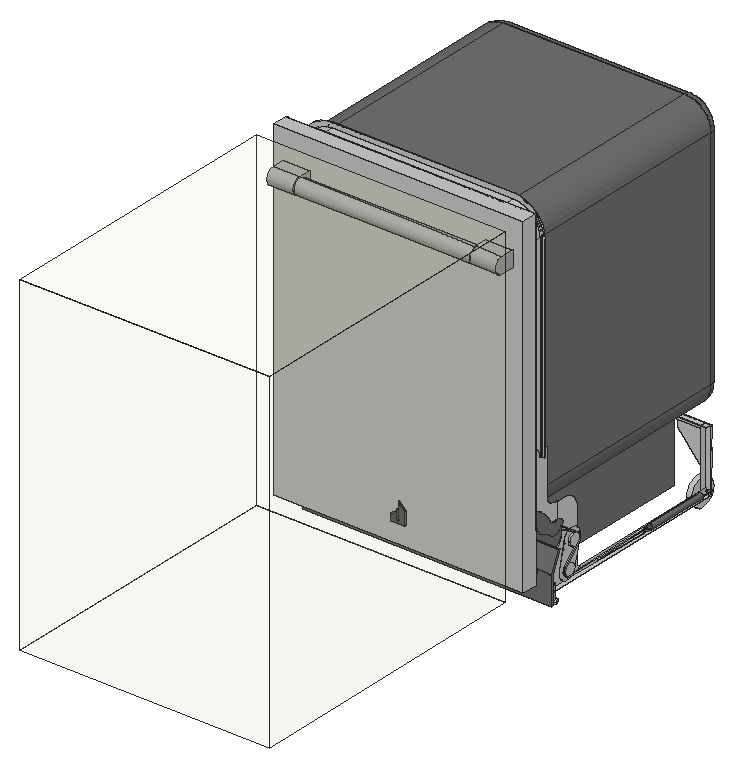
Revit family "P190780JX-052c_JDTSS244GL_Dish_Dishwashers", category Specialty Equipment, Revit 2026
Family settings
  Round Connector Dimension = Use Diameter
  Part Type = Normal
  Work Plane-Based = No
  Enable Cutting in Views = No
  Always vertical = Yes
  Cut with Voids When Loaded = No
  Maintain Annotation Orientation = No
  Shared = No
  Room Calculation Point = No
Parameters (values of type "JDTSS244GL")
  Width = 23 7/8"
  Voltage = 0 V
  URL = ""
  Show Clearance [instance] = yes
  Model = "JDTSS244GL"
  Manufacturer = "Jenn Air"
  Installation-Fabrication = "http://access.whirlpool.com/mr/getMediaType.do?mediaType=Installation Instruction&sku=JDTSS244GL&language=EN"
  Height = 34 1/2"
  Handle Material = ARCAT - Metal - Steel - Gray
  Feature 3 = "Remote Access\r\nAccès à distance"
  Feature 2 = "TriFecta™ Wash System\r\nSystème de lavage TriFecta™"
  Feature 1 = "38 dBA Tranquility\r\nTranquillité de 38 dBA"
  Family Name = "DISHWASHERS RISE"
  Energy Guide = "http://access.whirlpool.com/mr/getMediaType.do?mediaType=Energy Guide&sku=JDTSS244GL&language=EN"
  Drawn By = ""
  Door Material = ARCAT - Metal - Steel - Stainless
  Dimension Guide = "http://access.whirlpool.com/mr/getMediaType.do?mediaType=Dimension Guide&sku=JDTSS244GL&language=EN"
  Description = "RISE™ 24\" TriFecta™ Dishwasher, 38 dBA\r\nLave-vaisselle TriFecta™  RISE™, 38 dBA, 24 po"
  Depth = 26 1/2"
  Default Elevation = 0"
  Copyright = ""
  Clearance Material = ARCAT - Clearance
  Body Material = ARCAT - Plastic, ABS - Black
  Amps = 0 A
  Accent Material = ARCAT - Metal - Steel - Stainless
Reference planes (in)
  plane 1 "Center (Front/Back)": y = 0
  plane 2: z = 0
  plane 3 "Center (Left/Right)": x = 0
  plane 4: x = -11.9375
  plane 5: x = 11.9375
  plane 6: z = 34.5
  plane 7: y = -26.5
Forms (in)
  Extrusion 1, solid, material "ARCAT - Plastic, ABS - Black" <- "Body Material"
    sketch origin (-11.9375, -57.75476, 48) x (0, -1, 0) y (0, 0, 1)
      loop
        line (-36.75476, -48) -> (-36.75476, -45.30638)
        arc (-36.75476, -45.30638) -> (-36.75745, -45.28077) -> (-36.76541, -45.25628) r 0.12317
        line (-36.76541, -45.25628) -> (-37.54736, -43.5) -> (-37.68419, -43.5) -> (-36.87976, -45.30677) -> (-36.87976, -48) -> (-36.75476, -48)
    from 0 to -23.875
  Extrusion 2, solid, material "ARCAT - Plastic, ABS - Black" <- "Body Material"
    sketch origin (0, 0, -4.80271) x (1, 0, 0) y (0, 0, 1)
      loop
        circle (0, 13.96677) r 0.25
    from 0 to -0.03125
  Extrusion 3, solid, material "ARCAT - Metal - Steel - Stainless" <- "Accent Material"
    sketch origin (-11.9375, -23.09375, 48) x (-1, 0, 0) y (0, 0, 1)
      loop
        line (-3.28392, -13.96875) -> (-20.59108, -13.96875)
        arc (-20.59108, -13.96875) -> (-22.35885, -14.70098) -> (-23.09108, -16.46875) r 2.5
        line (-23.09108, -16.46875) -> (-23.09108, -37.5)
        arc (-23.09108, -37.5) -> (-22.35885, -39.26777) -> (-20.59108, -40) r 2.5
        line (-20.59108, -40) -> (-3.28392, -40)
        arc (-3.28392, -40) -> (-1.51615, -39.26777) -> (-0.78392, -37.5) r 2.5
        line (-0.78392, -37.5) -> (-0.78392, -16.46875)
        arc (-0.78392, -16.46875) -> (-1.51615, -14.70098) -> (-3.28392, -13.96875) r 2.5
      loop
        arc (-0.81517, -16.46875) -> (-1.53825, -14.72308) -> (-3.28392, -14) r 2.46875
        line (-3.28392, -14) -> (-20.59108, -14)
        arc (-20.59108, -14) -> (-22.33675, -14.72308) -> (-23.05983, -16.46875) r 2.46875
        line (-23.05983, -16.46875) -> (-23.05983, -37.5)
        arc (-23.05983, -37.5) -> (-22.33675, -39.24567) -> (-20.59108, -39.96875) r 2.46875
        line (-20.59108, -39.96875) -> (-3.28392, -39.96875)
        arc (-3.28392, -39.96875) -> (-1.53825, -39.24567) -> (-0.81517, -37.5) r 2.46875
        line (-0.81517, -37.5) -> (-0.81517, -16.46875)
    from 0.15625 to 1.5625
  Extrusion 4, solid, material "ARCAT - Metal - Steel - Stainless" <- "Accent Material"
    sketch origin (-10.81517, -20.875, 2.69323) x (0, 0, -1) y (-1, 0, 0)
      loop
        line (0, -22.125) -> (0, -22.625) -> (2.69323, -22.625) -> (2.69323, -22.125) -> (0, -22.125)
    from 0 to 0.03125
  Extrusion 5, solid, material "ARCAT - Metal - Steel - Stainless" <- "Accent Material"
    sketch origin (-58.87767, -180, 1) x (-1, 0, 0) y (0, -1, 0)
      loop
        line (-70.1875, -162.96208) -> (-70.1875, -159.2415) -> (-70.6875, -159.2415) -> (-70.6875, -162.96208) -> (-70.1875, -162.96208)
    from 0 to 0.03125
  Extrusion 6, solid, material "ARCAT - Metal - Steel - Stainless" <- "Accent Material"
    sketch origin (1.13796, -14.04043, 0) x (1, 0, 0) y (0, 1, 0)
      loop
        line (10.18942, -6.01357) -> (9.98605, -6.36582) -> (10.18942, -6.71808) -> (10.59617, -6.71808) -> (10.79954, -6.36582) -> (10.59617, -6.01357) -> (10.18942, -6.01357)
    from 0 to 0.17136
  Extrusion 7, solid, material "ARCAT - Metal - Steel - Stainless" <- "Accent Material"
    sketch origin (1.13796, -20.66768, 0.17136) x (1, 0, 0) y (0, -1, 0)
      loop
        circle (10.39279, -0.26143) r 0.11142
    from 0 to -1.41017
  Extrusion 8, solid, material "ARCAT - Metal - Steel - Stainless" <- "Accent Material"
    sketch origin (-11.9375, -21.5, 48) x (-1, 0, 0) y (0, 0, 1)
      loop
        arc (-3.28392, -14) -> (-1.53825, -14.72308) -> (-0.81517, -16.46875) r 2.46875
        line (-0.81517, -16.46875) -> (-0.81517, -35.1557) -> (-0.31517, -35.1557) -> (-0.31517, -16.46875)
        arc (-0.31517, -16.46875) -> (-1.18469, -14.36953) -> (-3.28392, -13.5) r 2.96875
        line (-3.28392, -13.5) -> (-20.59108, -13.5)
        arc (-20.59108, -13.5) -> (-22.69031, -14.36953) -> (-23.55983, -16.46875) r 2.96875
        line (-23.55983, -16.46875) -> (-23.55983, -35.1557) -> (-23.05983, -35.1557) -> (-23.05983, -16.46875)
        arc (-23.05983, -16.46875) -> (-22.33675, -14.72308) -> (-20.59108, -14) r 2.46875
        line (-20.59108, -14) -> (-3.28392, -14)
    from 0 to -0.03125
  Extrusion 9, solid, material "ARCAT - Plastic, ABS - Black" <- "Body Material"
    sketch origin (-11.9375, -21.5, 48) x (-1, 0, 0) y (0, 0, 1)
      loop
        arc (-3.28392, -14) -> (-1.53825, -14.72308) -> (-0.81517, -16.46875) r 2.46875
        line (-0.81517, -16.46875) -> (-0.81517, -35.1557) -> (-0.56517, -35.1557) -> (-0.56517, -16.46875)
        arc (-0.56517, -16.46875) -> (-1.36147, -14.5463) -> (-3.28392, -13.75) r 2.71875
        line (-3.28392, -13.75) -> (-20.59108, -13.75)
        arc (-20.59108, -13.75) -> (-22.51353, -14.5463) -> (-23.30983, -16.46875) r 2.71875
        line (-23.30983, -16.46875) -> (-23.30983, -35.1557) -> (-23.05983, -35.1557) -> (-23.05983, -16.46875)
        arc (-23.05983, -16.46875) -> (-22.33675, -14.72308) -> (-20.59108, -14) r 2.46875
        line (-20.59108, -14) -> (-3.28392, -14)
    from 0 to 0.03125
  Extrusion 10, solid, material "ARCAT - Plastic, ABS - Black" <- "Body Material"
    sketch origin (-11.9375, -21.46875, 48) x (-1, 0, 0) y (0, 0, 1)
      loop
        line (-23.05983, -16.46875) -> (-23.05983, -38.0625)
        arc (-23.05983, -38.0625) -> (-22.33675, -39.80817) -> (-20.59108, -40.53125) r 2.46875
        line (-20.59108, -40.53125) -> (-3.28392, -40.53125)
        arc (-3.28392, -40.53125) -> (-1.53825, -39.80817) -> (-0.81517, -38.0625) r 2.46875
        line (-0.81517, -38.0625) -> (-0.81517, -16.46875)
        arc (-0.81517, -16.46875) -> (-1.53825, -14.72308) -> (-3.28392, -14) r 2.46875
        line (-3.28392, -14) -> (-20.59108, -14)
        arc (-20.59108, -14) -> (-22.33675, -14.72308) -> (-23.05983, -16.46875) r 2.46875
    from 0 to 20.46875
  Extrusion 11, solid, material "ARCAT - Metal - Steel - Stainless" <- "Accent Material"
    sketch origin (10.81517, -20.875, 2.69323) x (0, 0, -1) y (-1, 0, 0)
      loop
        line (0, 22.125) -> (2.69323, 22.125) -> (2.69323, 22.625) -> (0, 22.625) -> (0, 22.125)
    from 0 to 0.03125
  Extrusion 12, solid, material "ARCAT - Metal - Steel - Stainless" <- "Accent Material"
    sketch origin (58.87767, -180, 1) x (1, 0, 0) y (0, 1, 0)
      loop
        line (-70.1875, 162.96208) -> (-70.6875, 162.96208) -> (-70.6875, 159.2415) -> (-70.1875, 159.2415) -> (-70.1875, 162.96208)
    from 0 to 0.03125
  Extrusion 13, solid, material "ARCAT - Metal - Steel - Stainless" <- "Accent Material"
    sketch origin (-1.13796, -14.04043, 0) x (-1, 0, 0) y (0, -1, 0)
      loop
        line (10.18942, 6.01357) -> (10.59617, 6.01357) -> (10.79954, 6.36582) -> (10.59617, 6.71808) -> (10.18942, 6.71808) -> (9.98605, 6.36582) -> (10.18942, 6.01357)
    from 0 to 0.17136
  Extrusion 14, solid, material "ARCAT - Metal - Steel - Stainless" <- "Accent Material"
    sketch origin (-1.13796, -20.66768, 0.17136) x (1, 0, 0) y (0, -1, 0)
      loop
        circle (-10.39279, -0.26143) r 0.11142
    from 0 to -1.41017
  Extrusion 15, solid, material "ARCAT - Metal - Steel - Stainless" <- "Accent Material"
    sketch origin (11.70828, -60, 48) x (0, -1, 0) y (0, 0, 1)
      loop
        line (-42.35258, -43.18837) -> (-39.90933, -41.86561)
        arc (-39.90933, -41.86561) -> (-39.83747, -41.59241) -> (-40.1147, -41.53817) r 0.19365
        line (-40.1147, -41.53817) -> (-42.37042, -43.1627)
        arc (-42.37042, -43.1627) -> (-42.63255, -43.59787) -> (-42.46637, -44.07795) r 0.59929
        line (-42.46637, -44.07795) -> (-40.99828, -45.58915)
        arc (-40.99828, -45.58915) -> (-40.89129, -46.20997) -> (-41.42303, -46.54779) r 0.56808
        line (-41.42303, -46.54779) -> (-50.31371, -46.35437)
        arc (-50.31371, -46.35437) -> (-50.51154, -46.5476) -> (-50.31439, -46.74153) r 0.19362
        line (-50.31439, -46.74153) -> (-41.39975, -46.57908)
        arc (-41.39975, -46.57908) -> (-40.85794, -46.21154) -> (-40.97573, -45.56751) r 0.59933
        line (-40.97573, -45.56751) -> (-42.44396, -44.05618)
        arc (-42.44396, -44.05618) -> (-42.60144, -43.60088) -> (-42.35258, -43.18837) r 0.56804
      loop
        line (-42.15383, -43.04523) -> (-39.92516, -41.83865)
        arc (-39.92516, -41.83865) -> (-39.86493, -41.60964) -> (-40.09732, -41.56416) r 0.16233
        line (-40.09732, -41.56416) -> (-42.15383, -43.04523)
      loop
        line (-42.19353, -46.56229) -> (-50.31449, -46.38561)
        arc (-50.31449, -46.38561) -> (-50.48039, -46.54766) -> (-50.31507, -46.71029) r 0.16237
        line (-50.31507, -46.71029) -> (-42.19353, -46.56229)
    from 0 to 0.125
  Extrusion 16, solid, material "ARCAT - Plastic, ABS - Black" <- "Body Material"
    sketch origin (11.73953, -60, 48.34143) x (0, -1, 0) y (0, 0, 1)
      loop
        arc (-37.03125, -39.45025) -> (-38.24485, -40.15261) -> (-39.12194, -41.24661) r 3.80767
        arc (-39.12194, -41.24661) -> (-39.18369, -41.32451) -> (-39.2689, -41.3757) r 0.27803
        line (-39.2689, -41.3757) -> (-39.84827, -41.59463) -> (-39.77234, -41.32042)
        arc (-39.77234, -41.32042) -> (-40.0881, -41.37906) -> (-40.36175, -41.54715) r 0.87948
        arc (-40.36175, -41.54715) -> (-40.4693, -41.73261) -> (-40.44872, -41.94601) r 0.35047
        arc (-40.44872, -41.94601) -> (-39.85658, -42.47082) -> (-39.07447, -42.35098) r 0.93155
        arc (-39.07447, -42.35098) -> (-38.43292, -41.97076) -> (-37.75311, -41.66416) r 6.70372
        arc (-37.75311, -41.66416) -> (-37.48919, -41.17994) -> (-37.03125, -40.87268) r 1.15813
        line (-37.03125, -40.87268) -> (-37.03125, -39.45025)
    from 0 to 0.03125
  Extrusion 17, solid, material "ARCAT - Plastic, ABS - Black" <- "Body Material"
    sketch origin (0, -17.03792, 1.03125) x (0, -1, 0) y (1, 0, 0)
      loop
        line (-14.6473, -8.65358) -> (3.03265, -8.65358) -> (3.03265, 8.65358) -> (-14.6473, 8.65358) -> (-14.6473, -8.65358)
    from 0 to 6.4375
  Extrusion 18, solid, material "ARCAT - Metal - Steel - Stainless" <- "Accent Material"
    sketch origin (11.80983, -17.03792, 1) x (-1, 0, 0) y (0, 0, 1)
      loop
        line (0, 0) -> (0.53125, 0) -> (0.53125, 0.55028) -> (0.5, 0.55028) -> (0.5, 0.03125) -> (0, 0.03125) -> (0, 0)
    from 0 to 15.17855
  Extrusion 19, solid, material "ARCAT - Metal - Steel - Stainless" <- "Accent Material"
    sketch origin (-11.80983, -17.03792, 1) x (1, 0, 0) y (0, 0, -1)
      loop
        line (0, 0) -> (0, -0.03125) -> (0.5, -0.03125) -> (0.5, -0.55028) -> (0.53125, -0.55028) -> (0.53125, 0) -> (0, 0)
    from 0 to 15.17855
  Extrusion 20, solid, material "ARCAT - Metal - Steel - Stainless" <- "Accent Material"
    sketch origin (11.30983, -21.5, 1) x (1, 0, 0) y (0, -1, 0)
      loop
        line (-0.03125, -19.64063) -> (-0.03125, -19.10938) -> (-0.0625, -19.10938) -> (-0.0625, -19.67188) -> (0.5, -19.67188) -> (0.5, -19.64063) -> (-0.03125, -19.64063)
    from 0 to -6.09375
  Extrusion 21, solid, material "ARCAT - Metal - Steel - Stainless" <- "Accent Material"
    sketch origin (-11.30983, -21.5, 1) x (1, 0, 0) y (0, -1, 0)
      loop
        line (0.03125, -19.64062) -> (-0.5, -19.64062) -> (-0.5, -19.67187) -> (0.0625, -19.67187) -> (0.0625, -19.10937) -> (0.03125, -19.10937) -> (0.03125, -19.64062)
    from 0 to -6.09375
  Extrusion 22, solid, material "ARCAT - Metal - Steel - Stainless" <- "Accent Material"
    sketch origin (-9.53075, -2.10938, 7.09375) x (1, 0, 0) y (0, 1, 0)
      loop
        line (21.34059, 0.28125) -> (-2.27908, 0.28125) -> (-2.27908, -0.28125) -> (21.34059, -0.28125) -> (21.34059, 0.28125)
    from 0 to 0.03125
  Extrusion 23, solid, material "ARCAT - Metal - Steel - Stainless" <- "Accent Material"
    sketch origin (-9.53075, -2.10938, 7.09375) x (0, 1, 0) y (1, 0, 0)
      loop
        line (0.25, -1.71658) -> (0.28125, -1.71658) -> (0.28125, 20.77809) -> (0.25, 20.77809) -> (0.25, -1.71658)
    from 0 to 0.59375
  Extrusion 24, solid, material "ARCAT - Metal - Steel - Stainless" <- "Accent Material"
    sketch origin (11.27858, -1.82813, 1) x (1, 0, 0) y (0, 0, -1)
      loop
        line (-2.59375, -6.125) -> (0.5, -6.125)
        arc (0.5, -6.125) -> (0.5221, -6.11585) -> (0.53125, -6.09375) r 0.03125
        line (0.53125, -6.09375) -> (0.53125, -4.90625)
        arc (0.53125, -4.90625) -> (0.5221, -4.88415) -> (0.5, -4.875) r 0.03125
        line (0.5, -4.875) -> (0.0625, -4.875)
        arc (0.0625, -4.875) -> (0.0404, -4.88415) -> (0.03125, -4.90625) r 0.03125
        line (0.03125, -4.90625) -> (0.03125, -5.59375)
        arc (0.03125, -5.59375) -> (0.0221, -5.61585) -> (0, -5.625) r 0.03125
        line (0, -5.625) -> (-0.4375, -5.625)
        arc (-0.4375, -5.625) -> (-0.4596, -5.61585) -> (-0.46875, -5.59375) r 0.03125
        line (-0.46875, -5.59375) -> (-0.46875, -4.89392)
        arc (-0.46875, -4.89392) -> (-0.46607, -4.87581) -> (-0.45825, -4.85925) r 0.0625
        line (-0.45825, -4.85925) -> (0.0127, -4.15283)
        arc (0.0127, -4.15283) -> (0.03521, -4.1324) -> (0.0647, -4.125) r 0.0625
        line (0.0647, -4.125) -> (0.5, -4.125)
        arc (0.5, -4.125) -> (0.5221, -4.11585) -> (0.53125, -4.09375) r 0.03125
        line (0.53125, -4.09375) -> (0.53125, -2.40625)
        arc (0.53125, -2.40625) -> (0.5221, -2.38415) -> (0.5, -2.375) r 0.03125
        line (0.5, -2.375) -> (-0.49811, -2.375)
        arc (-0.49811, -2.375) -> (-0.52452, -2.38086) -> (-0.54598, -2.39733) r 0.0625
        line (-0.54598, -2.39733) -> (-2.61038, -4.85757)
        arc (-2.61038, -4.85757) -> (-2.62123, -4.87637) -> (-2.625, -4.89775) r 0.0625
        line (-2.625, -4.89775) -> (-2.625, -6.09375)
        arc (-2.625, -6.09375) -> (-2.61585, -6.11585) -> (-2.59375, -6.125) r 0.03125
    from 0 to 0.03125
  Extrusion 25, solid, material "ARCAT - Metal - Steel - Stainless" <- "Accent Material"
    sketch origin (-11.27858, -1.82813, 1) x (-1, 0, 0) y (0, 0, 1)
      loop
        arc (-2.59375, 6.125) -> (-2.61585, 6.11585) -> (-2.625, 6.09375) r 0.03125
        line (-2.625, 6.09375) -> (-2.625, 4.89775)
        arc (-2.625, 4.89775) -> (-2.62123, 4.87637) -> (-2.61038, 4.85757) r 0.0625
        line (-2.61038, 4.85757) -> (-0.54598, 2.39733)
        arc (-0.54598, 2.39733) -> (-0.52452, 2.38086) -> (-0.49811, 2.375) r 0.0625
        line (-0.49811, 2.375) -> (0.5, 2.375)
        arc (0.5, 2.375) -> (0.5221, 2.38415) -> (0.53125, 2.40625) r 0.03125
        line (0.53125, 2.40625) -> (0.53125, 4.09375)
        arc (0.53125, 4.09375) -> (0.5221, 4.11585) -> (0.5, 4.125) r 0.03125
        line (0.5, 4.125) -> (0.0647, 4.125)
        arc (0.0647, 4.125) -> (0.03521, 4.1324) -> (0.0127, 4.15283) r 0.0625
        line (0.0127, 4.15283) -> (-0.45825, 4.85925)
        arc (-0.45825, 4.85925) -> (-0.46607, 4.87581) -> (-0.46875, 4.89392) r 0.0625
        line (-0.46875, 4.89392) -> (-0.46875, 5.59375)
        arc (-0.46875, 5.59375) -> (-0.4596, 5.61585) -> (-0.4375, 5.625) r 0.03125
        line (-0.4375, 5.625) -> (0, 5.625)
        arc (0, 5.625) -> (0.0221, 5.61585) -> (0.03125, 5.59375) r 0.03125
        line (0.03125, 5.59375) -> (0.03125, 4.90625)
        arc (0.03125, 4.90625) -> (0.0404, 4.88415) -> (0.0625, 4.875) r 0.03125
        line (0.0625, 4.875) -> (0.5, 4.875)
        arc (0.5, 4.875) -> (0.5221, 4.88415) -> (0.53125, 4.90625) r 0.03125
        line (0.53125, 4.90625) -> (0.53125, 6.09375)
        arc (0.53125, 6.09375) -> (0.5221, 6.11585) -> (0.5, 6.125) r 0.03125
        line (0.5, 6.125) -> (-2.59375, 6.125)
    from 0 to 0.03125
  Extrusion 26, solid, material "ARCAT - Plastic, ABS - Black" <- "Body Material"
    sketch origin (-0.19797, -8.93248, 1.45207) x (0, 0, -1) y (1, 0, 0)
      loop
        circle (0, 11.84375) r 0.25
    from 0 to -6.04769
  Sweep 27, solid, material "ARCAT - Plastic, ABS - Black" <- "Body Material"
    path origin (-0.19797, -9.37275, 1.45207) x (1, 0, 0) y (0, 1, 0)
      loop
        line (11.62549, 0.44027) -> (11.62549, -0.0685)
        arc (11.62549, -0.0685) -> (11.6621, -0.15688) -> (11.75049, -0.1935) r 0.125
        line (11.75049, -0.1935) -> (11.97876, -0.1935)
        arc (11.97876, -0.1935) -> (12.06715, -0.15688) -> (12.10376, -0.0685) r 0.125
        line (12.10376, -0.0685) -> (12.10376, 0.04066)
    profile origin (11.42752, -9.18686, 1.45207) x (1, 0, 0) y (0, 0, 1)
      loop
        circle (0, 0) r 0.03171
  Sweep 28, solid, material "ARCAT - Plastic, ABS - Black" <- "Body Material"
    path origin (23.48953, -2.44452, 1.45207) x (-1, 0, 0) y (0, -1, 0)
      loop
        line (11.62549, 0.44027) -> (11.62549, -0.63258)
        arc (11.62549, -0.63258) -> (11.6621, -0.72097) -> (11.75049, -0.75758) r 0.125
        line (11.75049, -0.75758) -> (11.83378, -0.75758)
        arc (11.83378, -0.75758) -> (11.92217, -0.72097) -> (11.95878, -0.63258) r 0.125
        line (11.95878, -0.63258) -> (11.95878, -0.38258)
    profile origin (11.86404, -2.34836, 1.45207) x (-1, 0, 0) y (0, 0, 1)
      loop
        circle (0, 0) r 0.03171
  Extrusion 29, solid, material "ARCAT - Plastic, ABS - Black" <- "Body Material"
    sketch origin (0.19797, -8.93248, 1.45207) x (0, 0, -1) y (1, 0, 0)
      loop
        circle (0, -11.84375) r 0.25
    from 0 to -6.04769
  Sweep 30, solid, material "ARCAT - Plastic, ABS - Black" <- "Body Material"
    path origin (0.19797, -9.37275, 1.45207) x (1, 0, 0) y (0, 1, 0)
      loop
        line (-11.62549, 0.44027) -> (-11.62549, -0.0685)
        arc (-11.62549, -0.0685) -> (-11.6621, -0.15688) -> (-11.75049, -0.1935) r 0.125
        line (-11.75049, -0.1935) -> (-11.97876, -0.1935)
        arc (-11.97876, -0.1935) -> (-12.06715, -0.15688) -> (-12.10376, -0.0685) r 0.125
        line (-12.10376, -0.0685) -> (-12.10376, 0.04066)
    profile origin (-11.42752, -9.18686, 1.45207) x (1, 0, 0) y (0, 0, 1)
      loop
        circle (0, 0) r 0.03171
  Sweep 31, solid, material "ARCAT - Plastic, ABS - Black" <- "Body Material"
    path origin (-23.48953, -2.44452, 1.45207) x (-1, 0, 0) y (0, -1, 0)
      loop
        line (-11.62549, 0.44027) -> (-11.62549, -0.63258)
        arc (-11.62549, -0.63258) -> (-11.6621, -0.72097) -> (-11.75049, -0.75758) r 0.125
        line (-11.75049, -0.75758) -> (-11.83378, -0.75758)
        arc (-11.83378, -0.75758) -> (-11.92217, -0.72097) -> (-11.95878, -0.63258) r 0.125
        line (-11.95878, -0.63258) -> (-11.95878, -0.38258)
    profile origin (-11.86404, -2.34836, 1.45207) x (-1, 0, 0) y (0, 0, 1)
      loop
        circle (0, 0) r 0.03171
  Extrusion 32, solid, material "ARCAT - Plastic, ABS - Black" <- "Body Material"
    sketch origin (-9.4995, -2.10938, 7.125) x (1, 0, 0) y (0, 1, 0)
      loop
        line (18.15309, 0.28125) -> (0.84592, 0.28125) -> (0.84592, -0.28125) -> (18.15309, -0.28125) -> (18.15309, 0.28125)
    from 0 to 0.34375
  Extrusion 33, solid, material "ARCAT - Metal - Steel - Stainless" <- "Accent Material"
    sketch origin (11.30983, -59.15625, 48.46875) x (0, 1, 0) y (0, 0, 1)
      loop
        arc (39.71323, -46.37519) -> (40.31236, -47.3718) -> (41.33324, -46.81503) r 0.84007
        line (41.33324, -46.81503) -> (42.09474, -44.41382)
        arc (42.09474, -44.41382) -> (41.44094, -43.21503) -> (40.27065, -43.91857) r 0.9459
        line (40.27065, -43.91857) -> (39.71323, -46.37519)
    from 0 to 0.125
  Extrusion 34, solid, material "ARCAT - Metal - Steel - Stainless" <- "Accent Material"
    sketch origin (11.43483, -59.15625, 48.46875) x (0, 1, 0) y (0, 0, 1)
      loop
        circle (41.19278, -44.12911) r 0.56804
      loop
        circle (40.56692, -46.4486) r 0.56808
    from 0 to 0.27345
  Sweep 35, solid, material "ARCAT - Plastic, ABS - Black" <- "Body Material"
    path origin (-11.9375, -1, 48) x (-1, 0, 0) y (0, 0, 1)
      loop
        arc (-23.05983, -38.0625) -> (-22.33675, -39.80817) -> (-20.59108, -40.53125) r 2.46875
        line (-20.59108, -40.53125) -> (-3.28392, -40.53125)
        arc (-3.28392, -40.53125) -> (-1.53825, -39.80817) -> (-0.81517, -38.0625) r 2.46875
        line (-0.81517, -38.0625) -> (-0.81517, -16.46875)
        arc (-0.81517, -16.46875) -> (-1.53825, -14.72308) -> (-3.28392, -14) r 2.46875
        line (-3.28392, -14) -> (-20.59108, -14)
        arc (-20.59108, -14) -> (-22.33675, -14.72308) -> (-23.05983, -16.46875) r 2.46875
        line (-23.05983, -16.46875) -> (-23.05983, -38.0625)
    profile origin (11.12233, -1, 20.73437) x (1, 0, 0) y (0, 1, 0)
      loop
        arc (0, 0) -> (-0.29289, 0.70711) -> (-1, 1) r 1
        line (-1, 1) -> (-1, 0) -> (0, 0)
  Extrusion 36, solid, material "ARCAT - Plastic, ABS - Black" <- "Body Material"
    sketch origin (8.65358, -1, 9.9375) x (0, 0, -1) y (1, 0, 0)
      loop
        arc (1.46875, 0) -> (1.03856, 1.03856) -> (0, 1.46875) r 1.46875
        line (0, 1.46875) -> (-21.59375, 1.46875)
        arc (-21.59375, 1.46875) -> (-22.63231, 1.03856) -> (-23.0625, 0) r 1.46875
        line (-23.0625, 0) -> (-23.0625, -17.30717)
        arc (-23.0625, -17.30717) -> (-22.63231, -18.34573) -> (-21.59375, -18.77592) r 1.46875
        line (-21.59375, -18.77592) -> (0, -18.77592)
        arc (0, -18.77592) -> (1.03856, -18.34573) -> (1.46875, -17.30717) r 1.46875
        line (1.46875, -17.30717) -> (1.46875, 0)
    from 0 to -1
  Extrusion 37, solid, material "ARCAT - Metal - Steel - Stainless" <- "Accent Material"
    sketch origin (-11.70828, -60, 48) x (0, -1, 0) y (0, 0, -1)
      loop
        arc (-42.35258, 43.18837) -> (-42.60144, 43.60088) -> (-42.44396, 44.05618) r 0.56804
        line (-42.44396, 44.05618) -> (-40.97573, 45.56751)
        arc (-40.97573, 45.56751) -> (-40.85794, 46.21154) -> (-41.39975, 46.57908) r 0.59933
        line (-41.39975, 46.57908) -> (-50.31439, 46.74153)
        arc (-50.31439, 46.74153) -> (-50.51154, 46.5476) -> (-50.31371, 46.35437) r 0.19362
        line (-50.31371, 46.35437) -> (-41.42303, 46.54779)
        arc (-41.42303, 46.54779) -> (-40.89129, 46.20997) -> (-40.99828, 45.58915) r 0.56808
        line (-40.99828, 45.58915) -> (-42.46637, 44.07795)
        arc (-42.46637, 44.07795) -> (-42.63255, 43.59787) -> (-42.37042, 43.1627) r 0.59929
        line (-42.37042, 43.1627) -> (-40.1147, 41.53817)
        arc (-40.1147, 41.53817) -> (-39.83747, 41.59241) -> (-39.90933, 41.86561) r 0.19365
        line (-39.90933, 41.86561) -> (-42.35258, 43.18837)
      loop
        line (-42.15383, 43.04523) -> (-40.09732, 41.56416)
        arc (-40.09732, 41.56416) -> (-39.86493, 41.60964) -> (-39.92516, 41.83865) r 0.16233
        line (-39.92516, 41.83865) -> (-42.15383, 43.04523)
      loop
        line (-42.19353, 46.56229) -> (-50.31507, 46.71029)
        arc (-50.31507, 46.71029) -> (-50.48039, 46.54766) -> (-50.31449, 46.38561) r 0.16237
        line (-50.31449, 46.38561) -> (-42.19353, 46.56229)
    from 0 to 0.125
  Extrusion 38, solid, material "ARCAT - Metal - Steel - Stainless" <- "Accent Material"
    sketch origin (-11.30983, -59.15625, 48.46875) x (0, 1, 0) y (0, 0, -1)
      loop
        line (39.71323, 46.37519) -> (40.27065, 43.91857)
        arc (40.27065, 43.91857) -> (41.44094, 43.21503) -> (42.09474, 44.41382) r 0.9459
        line (42.09474, 44.41382) -> (41.33324, 46.81503)
        arc (41.33324, 46.81503) -> (40.31236, 47.3718) -> (39.71323, 46.37519) r 0.84007
    from 0 to 0.125
  Extrusion 39, solid, material "ARCAT - Metal - Steel - Stainless" <- "Accent Material"
    sketch origin (-11.43483, -59.15625, 48.46875) x (0, 1, 0) y (0, 0, -1)
      loop
        circle (41.19278, 44.12911) r 0.56804
      loop
        circle (40.56692, 46.4486) r 0.56808
    from 0 to 0.27345
  Extrusion 40, void
    sketch origin (11.27858, -1.85938, 1) x (-1, 0, 0) y (0, 0, 1)
      loop
        circle (-0.25217, 0.45207) r 0.04001
    from 0 to 0.03125
  Extrusion 41, void
    sketch origin (-11.27858, -1.85938, 1) x (1, 0, 0) y (0, 0, -1)
      loop
        circle (-0.25217, -0.45207) r 0.04001
    from 0 to 0.03125
  Extrusion 42, solid, material "ARCAT - Metal - Steel - Stainless" <- "Accent Material"
    sketch origin (11.24733, -17.03792, 1) x (0, 1, 0) y (0, 0, -1)
      loop
        circle (14.91292, -0.27514) r 1.27514
    from 0 to 0.5
  Extrusion 43, solid, material "ARCAT - Metal - Steel - Stainless" <- "Accent Material"
    sketch origin (-11.24733, -17.03792, 1) x (0, 1, 0) y (0, 0, 1)
      loop
        circle (14.91292, 0.27514) r 1.27514
    from 0 to 0.5
  Extrusion 44, solid, material "ARCAT - Metal - Steel - Stainless" <- "Door Material"
    sketch origin (-11.9375, -24.75, 48) x (-1, 0, 0) y (0, 0, 1)
      loop
        line (0, -13.5) -> (-23.875, -13.5) -> (-23.875, -45.30677) -> (0, -45.30677) -> (0, -13.5)
    from 0.25 to 1.75
  Extrusion 45, solid, material "ARCAT - Metal - Steel - Stainless" <- "Accent Material"
    sketch origin (11.40358, -18.08524, 6.60462) x (-1, 0, 0) y (0, 1, 0)
      loop
        line (0.25, -1.42916) -> (0.125, -1.42916) -> (0.125, -1.46041) -> (0.25, -1.46041) -> (0.25, -1.42916)
    from 0 to -1.50578
  Extrusion 46, solid, material "ARCAT - Metal - Steel - Stainless" <- "Accent Material"
    sketch origin (11.15358, -19.54565, 6.60462) x (0, 1, 0) y (0, 0, -1)
      loop
        line (-3.21314, -6.89538) -> (-2.2981, -6.89538) -> (-2.0481, -6.46237) -> (-2.08196, -6.40371)
        arc (-2.08196, -6.40371) -> (-2.00272, -6.10796) -> (-1.70696, -6.18721) r 0.21651
        line (-1.70696, -6.18721) -> (-1.4231, -6.67888) -> (-1.1731, -6.67888) -> (-1.1731, -2.44552)
        arc (-1.1731, -2.44552) -> (-0.89785, -1.78103) -> (-0.23335, -1.50578) r 0.93974
        line (-0.23335, -1.50578) -> (0, -1.50578) -> (0, 0) -> (-1.42731, 0)
        arc (-1.42731, 0) -> (-2.69008, -0.52306) -> (-3.21314, -1.78583) r 1.78583
        line (-3.21314, -1.78583) -> (-3.21314, -6.89538)
    from 0 to -0.03125
  Extrusion 47, solid, material "ARCAT - Metal - Steel - Stainless" <- "Accent Material"
    sketch origin (11.30983, -60, 48) x (0, -1, 0) y (0, 0, 1)
      loop
        line (-40.45435, -41.39538) -> (-40.45435, -39.8896) -> (-41.36913, -39.8896)
        arc (-41.36913, -39.8896) -> (-42.31874, -40.28294) -> (-42.71208, -41.23255) r 1.34295
        line (-42.71208, -41.23255) -> (-42.71208, -46.44972) -> (-42.83708, -46.44972)
        arc (-42.83708, -46.44972) -> (-42.96208, -46.57472) -> (-42.83708, -46.69972) r 0.125
        line (-42.83708, -46.69972) -> (-42.71208, -46.69972) -> (-42.71208, -47) -> (-39.125, -47) -> (-39.125, -45.30677) -> (-39.51698, -45.30677)
        arc (-39.51698, -45.30677) -> (-39.81143, -45.22661) -> (-40.02462, -45.00824) r 0.58087
        arc (-40.02462, -45.00824) -> (-40.12678, -44.75314) -> (-40.16177, -44.48057) r 1.0879
        line (-40.16177, -44.48057) -> (-40.16207, -44.19133)
        arc (-40.16207, -44.19133) -> (-40.19548, -44.02862) -> (-40.29002, -43.89204) r 0.41501
        line (-40.29002, -43.89204) -> (-40.64867, -43.54855)
        arc (-40.64867, -43.54855) -> (-40.8962, -43.19077) -> (-40.98338, -42.76453) r 1.0856
        line (-40.98338, -42.76453) -> (-40.98338, -41.73676)
        arc (-40.98338, -41.73676) -> (-40.88339, -41.49537) -> (-40.642, -41.39538) r 0.34137
        line (-40.642, -41.39538) -> (-40.45435, -41.39538)
      loop
        circle (-42.83708, -46.57472) r 0.03157
    from 0 to 0.03125
  Extrusion 48, solid, material "ARCAT - Plastic, ABS - Black" <- "Body Material"
    sketch origin (-11.73953, -60, 48.34143) x (0, -1, 0) y (0, 0, -1)
      loop
        line (-37.03125, 39.45025) -> (-37.03125, 40.87268)
        arc (-37.03125, 40.87268) -> (-37.48919, 41.17994) -> (-37.75311, 41.66416) r 1.15813
        arc (-37.75311, 41.66416) -> (-38.43292, 41.97076) -> (-39.07447, 42.35098) r 6.70372
        arc (-39.07447, 42.35098) -> (-39.85658, 42.47082) -> (-40.44872, 41.94601) r 0.93155
        arc (-40.44872, 41.94601) -> (-40.4693, 41.73261) -> (-40.36175, 41.54715) r 0.35047
        arc (-40.36175, 41.54715) -> (-40.0881, 41.37906) -> (-39.77234, 41.32042) r 0.87948
        line (-39.77234, 41.32042) -> (-39.84827, 41.59463) -> (-39.2689, 41.3757)
        arc (-39.2689, 41.3757) -> (-39.18369, 41.32451) -> (-39.12194, 41.24661) r 0.27803
        arc (-39.12194, 41.24661) -> (-38.24485, 40.15261) -> (-37.03125, 39.45025) r 3.80767
    from 0 to 0.03125
  Extrusion 49, solid, material "ARCAT - Metal - Steel - Stainless" <- "Accent Material"
    sketch origin (-11.40358, -18.08524, 6.60462) x (-1, 0, 0) y (0, 1, 0)
      loop
        line (-0.25, -1.42916) -> (-0.25, -1.46041) -> (-0.125, -1.46041) -> (-0.125, -1.42916) -> (-0.25, -1.42916)
    from 0 to -1.50578
  Extrusion 50, solid, material "ARCAT - Metal - Steel - Stainless" <- "Accent Material"
    sketch origin (-11.15358, -19.54565, 6.60462) x (0, 1, 0) y (0, 0, 1)
      loop
        line (-3.21314, 6.89538) -> (-3.21314, 1.78583)
        arc (-3.21314, 1.78583) -> (-2.69008, 0.52306) -> (-1.42731, 0) r 1.78583
        line (-1.42731, 0) -> (0, 0) -> (0, 1.50578) -> (-0.23335, 1.50578)
        arc (-0.23335, 1.50578) -> (-0.89785, 1.78103) -> (-1.1731, 2.44552) r 0.93974
        line (-1.1731, 2.44552) -> (-1.1731, 6.67888) -> (-1.4231, 6.67888) -> (-1.70696, 6.18721)
        arc (-1.70696, 6.18721) -> (-2.00272, 6.10796) -> (-2.08196, 6.40371) r 0.21651
        line (-2.08196, 6.40371) -> (-2.0481, 6.46237) -> (-2.2981, 6.89538) -> (-3.21314, 6.89538)
    from 0 to -0.03125
  Extrusion 51, solid, material "ARCAT - Metal - Steel - Stainless" <- "Accent Material"
    sketch origin (-11.30983, -60, 48) x (0, -1, 0) y (0, 0, -1)
      loop
        line (-40.45435, 41.39538) -> (-40.642, 41.39538)
        arc (-40.642, 41.39538) -> (-40.88339, 41.49537) -> (-40.98338, 41.73676) r 0.34137
        line (-40.98338, 41.73676) -> (-40.98338, 42.76453)
        arc (-40.98338, 42.76453) -> (-40.8962, 43.19077) -> (-40.64867, 43.54855) r 1.0856
        line (-40.64867, 43.54855) -> (-40.29002, 43.89204)
        arc (-40.29002, 43.89204) -> (-40.19548, 44.02862) -> (-40.16207, 44.19133) r 0.41501
        line (-40.16207, 44.19133) -> (-40.16177, 44.48057)
        arc (-40.16177, 44.48057) -> (-40.12678, 44.75314) -> (-40.02462, 45.00824) r 1.0879
        arc (-40.02462, 45.00824) -> (-39.81143, 45.22661) -> (-39.51698, 45.30677) r 0.58087
        line (-39.51698, 45.30677) -> (-39.125, 45.30677) -> (-39.125, 47) -> (-42.71208, 47) -> (-42.71208, 46.69972) -> (-42.83708, 46.69972)
        arc (-42.83708, 46.69972) -> (-42.96208, 46.57472) -> (-42.83708, 46.44972) r 0.125
        line (-42.83708, 46.44972) -> (-42.71208, 46.44972) -> (-42.71208, 41.23255)
        arc (-42.71208, 41.23255) -> (-42.31874, 40.28294) -> (-41.36913, 39.8896) r 1.34295
        line (-41.36913, 39.8896) -> (-40.45435, 39.8896) -> (-40.45435, 41.39538)
      loop
        circle (-42.83708, 46.57472) r 0.03157
    from 0 to 0.03125
  Extrusion 52, solid, material "ARCAT - Plastic, ABS - Black" <- "Body Material"
    sketch origin (-11.9375, -23, 48) x (-1, 0, 0) y (0, 0, 1)
      loop
        line (-23.875, -13.53125) -> (-23.875, -40.53125) -> (0, -40.53125) -> (0, -13.53125) -> (-23.875, -13.53125)
    from 0 to 0.03125
  Extrusion 53, solid, material "ARCAT - Metal - Steel - Stainless" <- "Accent Material"
    sketch origin (-11.9375, -22.96875, 48) x (-1, 0, 0) y (0, 0, 1)
      loop
        line (-3.25267, -14) -> (-20.62233, -14)
        arc (-20.62233, -14) -> (-22.368, -14.72308) -> (-23.09108, -16.46875) r 2.46875
        line (-23.09108, -16.46875) -> (-23.09108, -37.5)
        arc (-23.09108, -37.5) -> (-22.368, -39.24567) -> (-20.62233, -39.96875) r 2.46875
        line (-20.62233, -39.96875) -> (-3.25267, -39.96875)
        arc (-3.25267, -39.96875) -> (-1.507, -39.24567) -> (-0.78392, -37.5) r 2.46875
        line (-0.78392, -37.5) -> (-0.78392, -16.46875)
        arc (-0.78392, -16.46875) -> (-1.507, -14.72308) -> (-3.25267, -14) r 2.46875
      loop
        line (-3.25267, -13.5) -> (-20.62233, -13.5)
        arc (-20.62233, -13.5) -> (-22.72156, -14.36953) -> (-23.59108, -16.46875) r 2.96875
        line (-23.59108, -16.46875) -> (-23.59108, -37.5)
        arc (-23.59108, -37.5) -> (-22.72156, -39.59922) -> (-20.62233, -40.46875) r 2.96875
        line (-20.62233, -40.46875) -> (-3.25267, -40.46875)
        arc (-3.25267, -40.46875) -> (-1.15344, -39.59922) -> (-0.28392, -37.5) r 2.96875
        line (-0.28392, -37.5) -> (-0.28392, -16.46875)
        arc (-0.28392, -16.46875) -> (-1.15344, -14.36953) -> (-3.25267, -13.5) r 2.96875
    from 0 to 0.03125
  Extrusion 54, solid, material "ARCAT - Metal - Steel - Gray" <- "Handle Material"
    sketch origin (-10.9375, -180, 31.75) x (0, 0, -1) y (0, -1, 0)
      loop
        line (0, -155.5) -> (1.5, -155.5) -> (1.5, -154.25)
        arc (1.5, -154.25) -> (0.75, -153.5) -> (0, -154.25) r 0.75
        line (0, -154.25) -> (0, -155.5)
    from 0 to -2.5
  Extrusion 55, solid, material "ARCAT - Metal - Steel - Gray" <- "Handle Material"
    sketch origin (10.9375, -180, 31.75) x (0, 0, -1) y (0, 1, 0)
      loop
        line (0, 155.5) -> (0, 154.25)
        arc (0, 154.25) -> (0.75, 153.5) -> (1.5, 154.25) r 0.75
        line (1.5, 154.25) -> (1.5, 155.5) -> (0, 155.5)
    from 0 to -2.5
  Extrusion 56, solid, material "ARCAT - Metal - Steel - Gray" <- "Handle Material"
    sketch origin (-8.4375, -180, 25.18441) x (0, 0, -1) y (0, -1, 0)
      loop
        circle (-5.81559, -154.25) r 0.71875
    from 0 to -16.875
  Sweep 57, solid, material "ARCAT - Plastic, ABS - Black" <- "Body Material"
    path origin (0.19797, -9.37275, 1.45207) x (1, 0, 0) y (0, 1, 0)
      loop
        line (-11.62549, 0.44027) -> (-11.62549, -0.0685)
        arc (-11.62549, -0.0685) -> (-11.6621, -0.15688) -> (-11.75049, -0.1935) r 0.125
        line (-11.75049, -0.1935) -> (-11.97876, -0.1935)
        arc (-11.97876, -0.1935) -> (-12.06715, -0.15688) -> (-12.10376, -0.0685) r 0.125
        line (-12.10376, -0.0685) -> (-12.10376, 0.04066)
    profile origin (-11.42752, -9.18686, 1.45207) x (1, 0, 0) y (0, 0, 1)
      loop
        circle (0, 0) r 0.03171
  Sweep 58, solid, material "ARCAT - Plastic, ABS - Black" <- "Body Material"
    path origin (-23.48953, -2.44452, 1.45207) x (-1, 0, 0) y (0, -1, 0)
      loop
        line (-11.62549, 0.44027) -> (-11.62549, -0.63258)
        arc (-11.62549, -0.63258) -> (-11.6621, -0.72097) -> (-11.75049, -0.75758) r 0.125
        line (-11.75049, -0.75758) -> (-11.83378, -0.75758)
        arc (-11.83378, -0.75758) -> (-11.92217, -0.72097) -> (-11.95878, -0.63258) r 0.125
        line (-11.95878, -0.63258) -> (-11.95878, -0.38258)
    profile origin (-11.86404, -2.34836, 1.45207) x (-1, 0, 0) y (0, 0, 1)
      loop
        circle (0, 0) r 0.03171
  Blend 59, solid, material "ARCAT - Plastic, ABS - Black" <- "Body Material"
    base sketch origin (-11.9375, -21, 2.19323) x (0, 0, 1) y (-1, 0, 0)
      loop
        line (0.5, -1.5) -> (0.125, -1.5)
        arc (0.125, -1.5) -> (0, -1.625) -> (0.125, -1.75) r 0.125
        line (0.125, -1.75) -> (0.5, -1.75) -> (0.5, -1.5)
    top sketch origin (-11.9375, -21, 2.19323) x (0, 0, 1) y (-1, 0, 0)
      loop
        line (0.5, -1.53125) -> (0.125, -1.53125)
        arc (0.125, -1.53125) -> (0.03125, -1.625) -> (0.125, -1.71875) r 0.09375
        line (0.125, -1.71875) -> (0.5, -1.71875) -> (0.5, -1.53125)
    from 0 to 0.0625
  Blend 60, solid, material "ARCAT - Plastic, ABS - Black" <- "Body Material"
    base sketch origin (-1.625, -21, 2.19323) x (0, 0, 1) y (-1, 0, 0)
      loop
        line (0.5, -1.5) -> (0.125, -1.5)
        arc (0.125, -1.5) -> (0, -1.625) -> (0.125, -1.75) r 0.125
        line (0.125, -1.75) -> (0.5, -1.75) -> (0.5, -1.5)
    top sketch origin (-1.625, -21, 2.19323) x (0, 0, 1) y (-1, 0, 0)
      loop
        line (0.5, -1.53125) -> (0.125, -1.53125)
        arc (0.125, -1.53125) -> (0.03125, -1.625) -> (0.125, -1.71875) r 0.09375
        line (0.125, -1.71875) -> (0.5, -1.71875) -> (0.5, -1.53125)
    from 0 to 0.0625
  Blend 61, solid, material "ARCAT - Plastic, ABS - Black" <- "Body Material"
    base sketch origin (8.6875, -21, 2.19323) x (0, 0, 1) y (-1, 0, 0)
      loop
        line (0.5, -1.5) -> (0.125, -1.5)
        arc (0.125, -1.5) -> (0, -1.625) -> (0.125, -1.75) r 0.125
        line (0.125, -1.75) -> (0.5, -1.75) -> (0.5, -1.5)
    top sketch origin (8.6875, -21, 2.19323) x (0, 0, 1) y (-1, 0, 0)
      loop
        line (0.5, -1.53125) -> (0.125, -1.53125)
        arc (0.125, -1.53125) -> (0.03125, -1.625) -> (0.125, -1.71875) r 0.09375
        line (0.125, -1.71875) -> (0.5, -1.71875) -> (0.5, -1.53125)
    from 0 to 0.0625
  Extrusion 62, solid, material "ARCAT - Clearance" <- "Clearance Material", visible <- "Show Clearance", detail levels medium+fine
    sketch origin (-11.9375, -25.27227, 48) x (1, 0, 0) y (0, 0, 1)
      loop
        line (0, -13.5) -> (0, -45.30677) -> (23.875, -45.30677) -> (23.875, -13.5) -> (0, -13.5)
    from 1.22773 to 29.54023
Cuts and joins
  joined: Extrusion 17, Extrusion 32
  Extrusion 41 cuts Sweep 28
  Extrusion 40, Extrusion 41 cuts Extrusion 4
  Extrusion 40, Extrusion 41 cuts Extrusion 5
  Extrusion 40, Extrusion 41 cuts Extrusion 7
  Extrusion 40, Extrusion 41 cuts Extrusion 11
  Extrusion 40, Extrusion 41 cuts Extrusion 12
  Extrusion 40, Extrusion 41 cuts Extrusion 14
  Extrusion 40, Extrusion 41 cuts Extrusion 18
  Extrusion 40, Extrusion 41 cuts Extrusion 19
  Extrusion 40, Extrusion 41 cuts Extrusion 20
  Extrusion 40, Extrusion 41 cuts Extrusion 21
  Extrusion 40, Extrusion 41 cuts Extrusion 22
  Extrusion 40, Extrusion 41 cuts Extrusion 23
  joined: Extrusion 4, Extrusion 5, Extrusion 7, Extrusion 11, Extrusion 12, Extrusion 14, Extrusion 18, Extrusion 19, Extrusion 20, Extrusion 21, Extrusion 22, Extrusion 23, Extrusion 45, Extrusion 46, Extrusion 47, Extrusion 49, Extrusion 50, Extrusion 51
Lines and regions (in)
  symbolic lines, style "SpecialityEquipment"
    curve 1: line (-11.9375, -24.5, 0) -> (11.9375, -24.5, 0)
    curve 2: line (-11.9375, 0, 0) -> (-11.9375, -24.5, 0)
    curve 3: line (11.9375, 0, 0) -> (-11.9375, 0, 0)
    curve 4: line (11.9375, -24.5, 0) -> (11.9375, 0, 0)
    curve 5: line (-10.9375, -24.5, 30.25) -> (-10.9375, -26.5, 30.25)
    curve 6: line (-10.9375, -26.5, 30.25) -> (-8.4375, -26.5, 30.25)
    curve 7: line (-8.4375, -26.5, 30.25) -> (-8.4375, -24.5, 30.25)
    curve 8: line (8.4375, -24.5, 30.25) -> (8.4375, -26.5, 30.25)
    curve 9: line (8.4375, -26.5, 30.25) -> (10.9375, -26.5, 30.25)
    curve 10: line (10.9375, -26.5, 30.25) -> (10.9375, -24.5, 30.25)
    curve 11: line (-8.4375, -26.46875, 30.25) -> (8.4375, -26.46875, 30.25)
    curve 12: line (-8.4375, -25.03125, 30.25) -> (8.4375, -25.03125, 30.25)
Dimensions and locks (in)
  "Width": plane 4 to plane 5
  "Height": plane 6 to plane 2
  equal spacing: plane 4, plane 3 "Center (Left/Right)", plane 5
  "Depth": plane 7 to plane 1 "Center (Front/Back)"
  aligned and locked: plane 2 to level
Automatic sketch dimensions
  plane 1 "Center (Front/Back)" to curve 3 = 0"
  curve 3 to plane 4 = 0"
  curve 3 to plane 5 = 0"
  curve 1 to plane 7 = 2"
  Extrusion 1 sketch curve to level = 0"
  Extrusion 1 sketch curve to plane 7 = 6.42943"
  Extrusion 1 sketch curve to Extrusion 1 sketch curve = 0.13683"
  Extrusion 1 sketch curve to Extrusion 1 sketch curve = 0.6676"
  Extrusion 1 sketch curve to Extrusion 1 sketch curve = 0.00183"
  level to Extrusion 1 sketch curve = 2.74372"
  Extrusion 1 sketch curve to Extrusion 1 sketch curve = 0.11252"
  Extrusion 1 sketch curve to Extrusion 1 sketch curve = 0.01065"
  Extrusion 1 sketch curve to Extrusion 1 sketch curve = 0.00039"
  Extrusion 1 sketch curve to Extrusion 1 sketch curve = 1.75628"
  Extrusion 2 sketch curve to plane 3 "Center (Left/Right)" = 0"
  level to Extrusion 2 sketch curve = 9 21/128"
  Extrusion 3 sketch curve to Extrusion 3 sketch curve = 0"  (x8)
  plane 5 to Extrusion 3 sketch curve = 0.78392"
  Extrusion 3 sketch curve to Extrusion 3 sketch curve = 1/32"
  Extrusion 3 sketch curve to Extrusion 3 sketch curve = 2 15/32"  (x2)
  Extrusion 3 sketch curve to plane 4 = 3.28392"  (x2)
  Extrusion 3 sketch curve to plane 4 = 0.81517"
  level to Extrusion 3 sketch curve = 8"
  plane 6 to Extrusion 3 sketch curve = 2 31/32"
  Extrusion 4 sketch curve to level = 0"
  plane 5 to Extrusion 4 sketch curve = 0.62767"
  level to Extrusion 4 sketch curve = 2.69323"
  plane 5 to Extrusion 4 sketch curve = 0.12767"
  plane 5 to Extrusion 5 sketch curve = 0.12767"
  Extrusion 5 sketch curve to Extrusion 5 sketch curve = 1/2"
  Extrusion 5 sketch curve to plane 7 = 9.46208"
  Extrusion 5 sketch curve to Extrusion 5 sketch curve = 3.72058"
  Extrusion 6 sketch curve to plane 5 = 0"
  plane 5 to Extrusion 6 sketch curve = 0.20337"  (x2)
  Extrusion 6 sketch curve to Extrusion 6 sketch curve = 0.40675"  (x2)
  Extrusion 6 sketch curve to Extrusion 6 sketch curve = 0.20337"
  Extrusion 6 sketch curve to plane 7 = 5.7415"
  Extrusion 6 sketch curve to Extrusion 6 sketch curve = 0.35225"  (x3)
  plane 5 to Extrusion 7 sketch curve = 0.40675"
  Extrusion 7 sketch curve to plane 7 = 6 3/32"
  Extrusion 8 sketch curve to Extrusion 8 sketch curve = 0"  (x4)
  Extrusion 8 sketch curve to plane 6 = 0"
  plane 5 to Extrusion 8 sketch curve = 0.31517"
  Extrusion 8 sketch curve to Extrusion 8 sketch curve = 1/2"
  Extrusion 8 sketch curve to Extrusion 8 sketch curve = 2 15/32"
  Extrusion 8 sketch curve to plane 4 = 3.28392"
  Extrusion 8 sketch curve to plane 4 = 0.81517"
  level to Extrusion 8 sketch curve = 12.8443"  (x2)
  Extrusion 9 sketch curve to Extrusion 9 sketch curve = 0"  (x4)
  plane 5 to Extrusion 9 sketch curve = 0.56517"
  Extrusion 9 sketch curve to Extrusion 9 sketch curve = 1/4"
  Extrusion 9 sketch curve to Extrusion 9 sketch curve = 2 15/32"
  plane 6 to Extrusion 9 sketch curve = 1/4"
  Extrusion 9 sketch curve to plane 4 = 3.28392"
  Extrusion 9 sketch curve to plane 4 = 0.81517"
  level to Extrusion 9 sketch curve = 12.8443"  (x2)
  Extrusion 10 sketch curve to Extrusion 9 = 0"
  Extrusion 10 sketch curve to Extrusion 10 sketch curve = 2 15/32"  (x2)
  Extrusion 9 to Extrusion 10 sketch curve = 2 15/32"
  Extrusion 9 to Extrusion 10 sketch curve = 2.9068"
  Extrusion 11 sketch curve to level = 0"
  Extrusion 11 sketch curve to plane 4 = 0.62767"
  level to Extrusion 11 sketch curve = 2.69323"
  Extrusion 11 sketch curve to plane 4 = 0.12767"
  Extrusion 12 sketch curve to plane 4 = 0.12767"
  Extrusion 12 sketch curve to Extrusion 12 sketch curve = 1/2"
  Extrusion 12 sketch curve to plane 7 = 5.7415"
  Extrusion 12 sketch curve to Extrusion 12 sketch curve = 3.72058"
  Extrusion 13 sketch curve to plane 4 = 0"
  Extrusion 13 sketch curve to plane 4 = 0.20337"  (x2)
  Extrusion 13 sketch curve to Extrusion 13 sketch curve = 0.40675"  (x2)
  Extrusion 13 sketch curve to Extrusion 13 sketch curve = 0.20337"
  Extrusion 13 sketch curve to plane 7 = 6.446"
  Extrusion 13 sketch curve to Extrusion 13 sketch curve = 0.35225"  (x3)
  Extrusion 14 sketch curve to plane 4 = 0.40675"
  Extrusion 14 sketch curve to plane 7 = 6 3/32"
  Extrusion 15 sketch curve to Extrusion 15 sketch curve = 0"  (x4)
  level to Extrusion 15 sketch curve = 1.45206"
  plane 1 "Center (Front/Back)" to Extrusion 15 sketch curve = 9.68198"
  Extrusion 15 sketch curve to Extrusion 15 sketch curve = 0.0001"
  level to Extrusion 15 sketch curve = 1.28971"
  Extrusion 15 sketch curve to Extrusion 15 sketch curve = 0.00285"
  level to Extrusion 15 sketch curve = 1.61439"
  level to Extrusion 15 sketch curve = 1.25847"
  Extrusion 15 sketch curve to Extrusion 15 sketch curve = 0.00067"
  level to Extrusion 15 sketch curve = 1.64563"
  Extrusion 15 sketch curve to Extrusion 15 sketch curve = 0.00078"
  level to Extrusion 15 sketch curve = 3.92205"
  Extrusion 15 sketch curve to Extrusion 15 sketch curve = 7.84733"
  level to Extrusion 15 sketch curve = 3.94382"
  Extrusion 15 sketch curve to Extrusion 15 sketch curve = 0.02241"
  level to Extrusion 15 sketch curve = 4.8373"
  Extrusion 15 sketch curve to Extrusion 15 sketch curve = 0.07354"
  level to Extrusion 15 sketch curve = 4.81163"
  Extrusion 15 sketch curve to Extrusion 15 sketch curve = 0.01784"
  level to Extrusion 15 sketch curve = 1.43771"
  Extrusion 15 sketch curve to Extrusion 15 sketch curve = 0.27285"
  Extrusion 15 sketch curve to Extrusion 15 sketch curve = 0.19875"
  level to Extrusion 15 sketch curve = 1.45221"
  Extrusion 15 sketch curve to Extrusion 15 sketch curve = 0.7705"
  Extrusion 15 sketch curve to Extrusion 15 sketch curve = 0.01236"
  level to Extrusion 15 sketch curve = 1.42092"
  Extrusion 15 sketch curve to Extrusion 15 sketch curve = 0.02328"
  level to Extrusion 15 sketch curve = 2.41085"
  Extrusion 15 sketch curve to Extrusion 15 sketch curve = 0.41239"
  level to Extrusion 15 sketch curve = 2.43249"
  Extrusion 15 sketch curve to Extrusion 15 sketch curve = 2.03913"
  Extrusion 15 sketch curve to Extrusion 15 sketch curve = 0.01738"
  Extrusion 15 sketch curve to Extrusion 15 sketch curve = 0.09487"
  Extrusion 15 sketch curve to Extrusion 15 sketch curve = 0.00092"
  Extrusion 15 sketch curve to Extrusion 15 sketch curve = 0.07729"
  Extrusion 15 sketch curve to Extrusion 15 sketch curve = 0.01583"
  Extrusion 15 sketch curve to Extrusion 15 sketch curve = 0.14314"
  Extrusion 15 sketch curve to Extrusion 15 sketch curve = 1.17962"
  Extrusion 15 sketch curve to Extrusion 15 sketch curve = 0.02696"
  Extrusion 15 sketch curve to Extrusion 15 sketch curve = 0.14276"
  Extrusion 15 sketch curve to Extrusion 15 sketch curve = 0.00058"
  Extrusion 16 sketch curve to plane 7 = 6.62687"
  Extrusion 16 sketch curve to Extrusion 16 sketch curve = 0.2786"
  Extrusion 16 sketch curve to Extrusion 16 sketch curve = 0.07594"
  Extrusion 16 sketch curve to Extrusion 16 sketch curve = 0.25502"
  Extrusion 16 sketch curve to Extrusion 16 sketch curve = 0.40516"
  Extrusion 16 sketch curve to Extrusion 16 sketch curve = 0.09828"
  Extrusion 16 sketch curve to Extrusion 16 sketch curve = 2 43/128"
  Extrusion 16 sketch curve to Extrusion 16 sketch curve = 0.39775"
  Extrusion 16 sketch curve to Extrusion 16 sketch curve = 0.87011"
  level to Extrusion 16 sketch curve = 0.4225"
  Extrusion 16 sketch curve to plane 7 = 1.84115"
  Extrusion 16 sketch curve to Extrusion 16 sketch curve = 4.8783"
  Extrusion 16 sketch curve to Extrusion 16 sketch curve = 0.84073"
  Extrusion 16 sketch curve to Extrusion 16 sketch curve = 1.08027"
  Extrusion 16 sketch curve to Extrusion 16 sketch curve = 0.39263"
  Extrusion 16 sketch curve to Extrusion 16 sketch curve = 0.21264"
  Extrusion 16 sketch curve to Extrusion 16 sketch curve = 0.01738"
  Extrusion 16 sketch curve to Extrusion 16 sketch curve = 0.20156"
  Extrusion 16 sketch curve to Extrusion 16 sketch curve = 0.27421"
  Extrusion 16 sketch curve to Extrusion 16 sketch curve = 0.26008"
  Extrusion 16 sketch curve to Extrusion 16 sketch curve = 1.08769"
  Extrusion 16 sketch curve to Extrusion 16 sketch curve = 1.42243"
  Extrusion 16 sketch curve to Extrusion 16 sketch curve = 0"  (x3)
  plane 1 "Center (Front/Back)" to Extrusion 17 sketch curve = 2 25/64"
  Extrusion 17 sketch curve to plane 7 = 6.42943"
  Extrusion 17 sketch curve to plane 4 = 3.28392"
  plane 5 to Extrusion 17 sketch curve = 3.28392"
  Extrusion 18 sketch curve to Extrusion 5 = 0"  (x3)
  Extrusion 5 to Extrusion 18 sketch curve = 0"
  Extrusion 5 to Extrusion 18 sketch curve = 1/32"
  Extrusion 18 sketch curve to Extrusion 5 = 0.51903"
  Extrusion 19 sketch curve to Extrusion 5 = 0"  (x2)
  Extrusion 5 to Extrusion 19 sketch curve = 23.11967"
  Extrusion 19 sketch curve to Extrusion 19 sketch curve = 1/2"
  Extrusion 19 sketch curve to Extrusion 19 sketch curve = 1/32"
  Extrusion 19 sketch curve to Extrusion 5 = 0.51903"
  plane 5 to Extrusion 20 sketch curve = 0.69017"
  Extrusion 20 sketch curve to Extrusion 20 sketch curve = 1/32"  (x2)
  plane 5 to Extrusion 20 sketch curve = 0.12767"
  plane 1 "Center (Front/Back)" to Extrusion 20 sketch curve = 2 25/64"
  Extrusion 20 sketch curve to Extrusion 20 sketch curve = 17/32"
  Extrusion 21 sketch curve to plane 4 = 0.12767"
  Extrusion 21 sketch curve to Extrusion 21 sketch curve = 17/32"  (x2)
  Extrusion 21 sketch curve to Extrusion 21 sketch curve = 1/32"  (x2)
  plane 1 "Center (Front/Back)" to Extrusion 21 sketch curve = 2 25/64"
  Extrusion 22 sketch curve to plane 4 = 0.12767"
  plane 5 to Extrusion 22 sketch curve = 0.12767"
  plane 1 "Center (Front/Back)" to Extrusion 22 sketch curve = 2 25/64"
  Extrusion 22 sketch curve to Extrusion 22 sketch curve = 9/16"
  Extrusion 22 to Extrusion 23 sketch curve = 0"
  Extrusion 23 sketch curve to Extrusion 23 sketch curve = 1/32"
  Extrusion 22 to Extrusion 23 sketch curve = 9/16"  (x2)
  Extrusion 24 sketch curve to Extrusion 20 = 0"  (x4)
  Extrusion 24 sketch curve to Extrusion 24 sketch curve = 1/32"  (x7)
  Extrusion 24 sketch curve to Extrusion 20 = 1/32"
  Extrusion 20 to Extrusion 24 sketch curve = 0.09595"
  Extrusion 20 to Extrusion 24 sketch curve = 3/32"
  Extrusion 20 to Extrusion 24 sketch curve = 0.04395"
  Extrusion 20 to Extrusion 24 sketch curve = 1/32"
  Extrusion 24 sketch curve to Extrusion 20 = 3/8"
  Extrusion 24 sketch curve to Extrusion 20 = 13/32"
  Extrusion 24 sketch curve to Extrusion 24 sketch curve = 0.052"
  Extrusion 24 sketch curve to Extrusion 20 = 0.46686"
  Extrusion 24 sketch curve to Extrusion 24 sketch curve = 0.04788"
  Extrusion 24 sketch curve to Extrusion 24 sketch curve = 2 3/32"
  Extrusion 20 to Extrusion 24 sketch curve = 1.23618"
  Extrusion 24 sketch curve to Extrusion 24 sketch curve = 0.01462"
  Extrusion 20 to Extrusion 24 sketch curve = 15/32"
  Extrusion 24 sketch curve to Extrusion 24 sketch curve = 11/16"  (x2)
  Extrusion 24 sketch curve to Extrusion 24 sketch curve = 0.01233"
  Extrusion 24 sketch curve to Extrusion 24 sketch curve = 0.03467"
  Extrusion 24 sketch curve to Extrusion 24 sketch curve = 1 11/16"
  Extrusion 25 sketch curve to Extrusion 20 = 0"  (x2)
  Extrusion 20 to Extrusion 25 sketch curve = 1.196"
  Extrusion 25 sketch curve to Extrusion 20 = 19.90092"
  Extrusion 20 to Extrusion 25 sketch curve = 1.23618"
  Extrusion 25 sketch curve to Extrusion 25 sketch curve = 0.01462"
  Extrusion 25 sketch curve to Extrusion 20 = 1/32"
  Extrusion 20 to Extrusion 25 sketch curve = 2.39733"
  Extrusion 25 sketch curve to Extrusion 25 sketch curve = 2.06439"
  Extrusion 25 sketch curve to Extrusion 25 sketch curve = 0.04788"
  Extrusion 25 sketch curve to Extrusion 25 sketch curve = 2 3/32"
  Extrusion 20 to Extrusion 25 sketch curve = 1.2345"
  Extrusion 25 sketch curve to Extrusion 25 sketch curve = 0.0105"
  Extrusion 25 sketch curve to Extrusion 25 sketch curve = 1/32"  (x5)
  Extrusion 25 sketch curve to Extrusion 25 sketch curve = 0.052"  (x2)
  Extrusion 25 sketch curve to Extrusion 25 sketch curve = 7/16"
  Extrusion 20 to Extrusion 25 sketch curve = 1.94092"
  Extrusion 25 sketch curve to Extrusion 25 sketch curve = 0.47095"
  Extrusion 25 sketch curve to Extrusion 25 sketch curve = 1/2"
  Extrusion 25 sketch curve to Extrusion 25 sketch curve = 0.99811"
  Extrusion 25 sketch curve to Extrusion 25 sketch curve = 0.4353"
  Extrusion 25 sketch curve to Extrusion 25 sketch curve = 0.02233"
  Extrusion 25 sketch curve to Extrusion 25 sketch curve = 0.05908"
  Extrusion 25 sketch curve to Extrusion 25 sketch curve = 3/4"
  Extrusion 20 to Extrusion 25 sketch curve = 1/2"
  plane 5 to Extrusion 26 sketch curve = 0.29172"
  level to Extrusion 26 sketch curve = 1.45207"
  plane 5 to Sweep 27 sketch curve = 0.50998"
  Sweep 27 sketch curve to Sweep 27 sketch curve = 1/8"
  plane 5 to Sweep 27 sketch curve = 0.15671"
  plane 5 to Sweep 27 sketch curve = 0.03171"
  plane 1 "Center (Front/Back)" to Sweep 27 sketch curve = 9.56624"
  Sweep 27 sketch curve to Sweep 27 sketch curve = 0.10916"
  Sweep 27 sketch curve to Sweep 27 sketch curve = 0.50876"
  profile plane to Sweep 27 sketch curve = 0"
  Sweep 27 sketch curve to profile plane = 0"
  plane 5 to Sweep 28 sketch curve = 0.07346"
  Sweep 28 sketch curve to Sweep 28 sketch curve = 1/8"  (x2)
  Sweep 28 sketch curve to Sweep 28 sketch curve = 0.08329"
  plane 1 "Center (Front/Back)" to Sweep 28 sketch curve = 1.68694"
  Sweep 28 sketch curve to Sweep 28 sketch curve = 1/4"
  Sweep 28 sketch curve to Sweep 28 sketch curve = 0.82285"
  Sweep 28 sketch curve to profile plane = 0"  (x2)
  Extrusion 29 sketch curve to plane 4 = 0.29172"
  level to Extrusion 29 sketch curve = 1.45207"
  Sweep 30 sketch curve to plane 4 = 0.03171"
  Sweep 30 sketch curve to plane 4 = 0.15671"
  Sweep 30 sketch curve to Sweep 30 sketch curve = 0.22827"
  Sweep 30 sketch curve to Sweep 30 sketch curve = 1/8"
  plane 1 "Center (Front/Back)" to Sweep 30 sketch curve = 9.56624"
  Sweep 30 sketch curve to Sweep 30 sketch curve = 0.10916"
  Sweep 30 sketch curve to Sweep 30 sketch curve = 0.50876"
  profile plane to Sweep 30 sketch curve = 0"
  Sweep 30 sketch curve to profile plane = 0"
